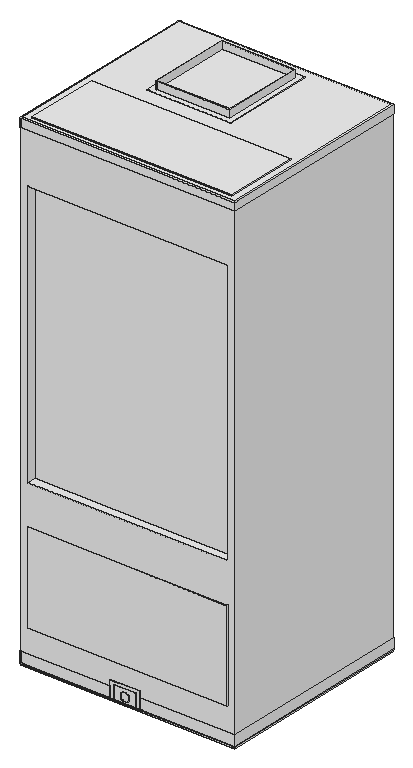
Revit family "HVAC_Air-Conditioning_Ice-Air_SPXC", category Mechanical Equipment, Revit 2020
Family settings
  Round Connector Dimension = Use Diameter
  Part Type = Normal
  OmniClass Number = 23.75.10.21.11
  Work Plane-Based = No
  Always vertical = Yes
  Cut with Voids When Loaded = No
  Shared = No
  Room Calculation Point = No
Parameters (values of type "Not a Type, Refer to Type Catalog")
  z_Supply Pipe Center = if(Width = 28.07", 3.25", 2.00")  # 2.00"
  Width = 28.06609"
  Weight = 1.69032 kN
  Voltage = 208 V
  URL = "https://www.ice-air.com/"
  Total Heating Capacity = 0 Btu/h
  Total Cooling Capacity = 93833.9 Btu/h
  Supply Air Connection Width = 9.50"
  Supply Air Connection Depth = 10.63"
  Sensible Cooling Capacity = 76773.2 Btu/h
  Product Page URL = "https://www.ice-air.com/product/spxc/"
  Product Material = Ice Air - Metal - Aluminium
  Power Factor = 1
  Plenum Note [instance] = "A plenum is required to install the unit. Please see install guide or contact the manufacturer for more information."  # constant formula
  Phase = 1
  Outside Air = 60.0 CFM
  Model = "SPXC30-7.5kW"
  Manufacturer = "Ice Air"  # constant formula
  MOCP (without Electric Heat) = ""
  MOCP (with Electric Heat) = "50"
  MCA (without Electric Heat) = ""
  MCA (with Electric Heat) = "49.6"
  Length = 26.00"
  Height = 64.00"
  Heating Input (Watts) = 0 W
  Heating Input = 0 A
  Heating Capacity Range = "18,000 - 31,500"
  Heating Capacity @ 5°F = "19,800"
  Heating Capacity @ 10°F = "21,300"
  Heating Capacity @ -5°F = "19,300"
  HSPF = "9"  # constant formula
  Frequency = 60 Hz
  Evaporator Motor Nominal HP = ""
  Energy Efficiency Rating = 11
  Electric Heater (A) = 36 A
  Electric Heater = 7500 VA
  Drain Pipe Diameter = 1.00"  # constant formula
  Description = "SPXC Series Single Package Air Conditioner and Heat Pump"  # constant formula
  Default Elevation = 0.00"
  Cooling Capacity Range = "16,600 - 30,800"
  COP @ 5°F = "1.96"
  COP @ 10°F = "2.15"
  COP @ -5°F = "1.69"
  COP = "3.3"
  Apparent Load = Voltage * Heating Input * Power Factor  # 0 VA
  Airflow = 1000.0 CFM
Reference planes
  plane 1 "Center (Front/Back)": y = 0
  plane 2: z = 0
  plane 3 "Center (Left/Right)": x = 0.839
  plane 4: y = 330.2
  plane 5: y = -330.2
  plane 6: x = -355.6
  plane 7: x = 357.278
  plane 8: z = 1625.6
  plane 9 "Top": z = 1628.6
  plane 10: z = 1610.6
  plane 11: y = 7.198
  plane 12: y = 277.2
  plane 13: z = 18
  plane 14: z = 3
  plane 15: z = 600
  plane 16: z = 1630.632
  plane 17: z = 1578.525
  plane 18: z = 1626.6
  plane 19: z = 1431.357
  plane 20: x = 331.878
  plane 21: x = -330.2
  plane 22: x = -170.611
  plane 23: x = 70.689
  plane 24: x = -49.961
  plane 25: y = -299.615
  plane 26: y = -328.2
Forms (mm)
  Sweep 1, solid, material "Ice Air - Metal - Aluminium" <- "Product Material"
    path origin (0, 299.85, 3.186) x (0, -1, 0) y (1, 0, 0)
      loop
        line (630.05, 357.279) -> (-30.2, 357.279) -> (-30.2, -355.6) -> (630.05, -355.6) -> (630.05, 357.279)
    profile origin (0.839, -330.2, 3.186) x (0, -1, 0) y (0, 0, 1)
      loop
        line (0, 3.649) -> (0, 38.1) -> (-2, 38.1) -> (-2, 3.652)
        arc (-2, 3.652) -> (-2.484, 2.484) -> (-3.652, 2) r 1.652
        line (-3.652, 2) -> (-25.4, 2) -> (-25.4, 0) -> (-3.649, 0)
        arc (-3.649, 0) -> (-1.069, 1.069) -> (0, 3.649) r 3.649
  Extrusion 2, solid, material "Ice Air - Metal - Aluminium" <- "Product Material"
    sketch origin (0, 299.85, 3.186) x (0, -1, 0) y (1, 0, 0)
      loop
        line (-4.8, -330.2) -> (604.65, -330.2) -> (604.65, 331.879) -> (-4.8, 331.879) -> (-4.8, -330.2)
    from 2 to 0
  Extrusion 3, void
    sketch origin (0, 299.85, 3.186) x (1, 0, 0) y (0, 0, 1)
      loop
        line (-56.061, 58.4) -> (-56.061, 2) -> (41.939, 2) -> (41.939, 58.4) -> (-56.061, 58.4)
    from 628.05 to 630.05
  Extrusion 4, solid, material "Ice Air - Metal - Aluminium" <- "Product Material"
    sketch origin (0, 299.85, 3.186) x (1, 0, 0) y (0, 0, 1)
      loop
        line (-56.061, 58.4) -> (-56.061, 2) -> (41.939, 2) -> (41.939, 58.4) -> (-56.061, 58.4)
      loop
        line (-44.561, 48) -> (-44.561, 3) -> (30.439, 3) -> (30.439, 48) -> (-44.561, 48)
      loop
        line (-44.307, 47.746) -> (-44.307, 3.254) -> (30.185, 3.254) -> (30.185, 47.746) -> (-44.307, 47.746)
      loop
        circle (-7.113, 23.103) r 14.963
      loop
        circle (-7.113, 23.103) r 14.709
    from 628.05 to 630.05
  Extrusion 5, solid, material "Ice Air - Metal - Aluminium" <- "Product Material"
    sketch origin (0, 299.85, 3.186) x (0, -1, 0) y (1, 0, 0)
      loop
        line (-27.7, -353.6) -> (628.05, -353.6) -> (628.05, 355.279) -> (-27.7, 355.279) -> (-27.7, -353.6)
    from -3 to 1622.414
  Sweep 6, solid, material "Ice Air - Metal - Aluminium" <- "Product Material"
    path origin (0, 0, 1628.6) x (-1, 0, 0) y (0, -1, 0)
      loop
        line (355.6, -330.05) -> (355.6, 330.2) -> (-357.278, 330.2) -> (-357.278, -330.05) -> (355.6, -330.05)
    profile origin (-355.6, -0.075, 1628.6) x (1, 0, 0) y (0, 0, 1)
      loop
        line (0, -2.583) -> (0, -28.575) -> (2, -28.575) -> (2, -2.808)
        arc (2, -2.808) -> (2.237, -2.237) -> (2.808, -2) r 0.808
        line (2.808, -2) -> (25.4, -2) -> (25.4, 0) -> (2.583, 0)
        arc (2.583, 0) -> (0.756, -0.756) -> (0, -2.583) r 2.583
  Extrusion 7, solid, material "Ice Air - Metal - Aluminium" <- "Product Material"
    sketch origin (0, 299.85, 1196.757) x (0, -1, 0) y (1, 0, 0)
      loop
        line (-4.8, -330.2) -> (604.65, -330.2) -> (604.65, 331.879) -> (-4.8, 331.879) -> (-4.8, -330.2)
    from 431.843 to 429.843
  Extrusion 8, void
    sketch origin (0, 299.85, 3.186) x (1, 0, 0) y (0, 0, 1)
      loop
        line (-330.2, 1428.171) -> (-330.2, 547.371) -> (331.879, 547.371) -> (331.879, 1428.171) -> (-330.2, 1428.171)
    from 599.464 to 630.05
  Extrusion 9, void
    sketch origin (0, 299.85, 3.186) x (1, 0, 0) y (0, 0, 1)
      loop
        line (-330.2, 494.9) -> (-330.2, 38.1) -> (331.879, 38.1) -> (331.879, 494.9) -> (-330.2, 494.9)
      loop
        line (-330.2, 520.3) -> (331.879, 520.3) -> (331.879, 808.589) -> (-330.2, 808.589) -> (-330.2, 520.3)
    from -30.35 to 22.65
  Extrusion 10, solid, material "Ice Air - Metal - Aluminium" <- "Product Material", detail levels fine
    sketch origin (0, 299.85, 3.186) x (1, 0, 0) y (0, 0, 1)
      loop
        line (-330.2, 415) -> (-330.2, 116.7) -> (331.879, 116.7) -> (331.879, 415) -> (-330.2, 415)
    from 628.05 to 630.05
  Extrusion 11, solid, material "Ice Air - Metal - Aluminium" <- "Product Material"
    sketch origin (0, 299.85, 3.186) x (1, 0, 0) y (0, 0, 1)
      loop
        circle (119.939, 1575.339) r 12.993
    from 580.205 to 584.814
  Extrusion 12, solid, material "Ice Air - Metal - Aluminium" <- "Product Material", detail levels medium+fine
    sketch origin (0, 299.85, 3.186) x (1, 0, 0) y (0, 0, 1)
      loop
        arc (-129.976, 1564.589) -> (-122.561, 1575.339) -> (-129.976, 1586.089) r 11.5
        line (-129.976, 1586.089) -> (-138.146, 1586.089)
        arc (-138.146, 1586.089) -> (-145.561, 1575.339) -> (-138.146, 1564.589) r 11.5
        line (-138.146, 1564.589) -> (-129.976, 1564.589)
    from 580.205 to 584.814
  Extrusion 13, solid, material "Ice Air - Metal - Aluminium" <- "Product Material", detail levels fine
    sketch origin (0, 299.85, 3.186) x (1, 0, 0) y (0, 0, 1)
      loop
        arc (-92.186, 1581.653) -> (-91.508, 1568.989) -> (-90.831, 1581.653) r 6.35
        line (-90.831, 1581.653) -> (-90.831, 1580.094) -> (-92.186, 1580.094) -> (-92.186, 1581.653)
      loop
        line (78.065, 1581.653) -> (78.065, 1580.094) -> (76.709, 1580.094) -> (76.709, 1581.653)
        arc (76.709, 1581.653) -> (77.387, 1568.989) -> (78.065, 1581.653) r 6.35
    from 581 to 584.814
  Extrusion 14, solid, material "Ice Air - Metal - Aluminium" <- "Product Material", detail levels fine
    sketch origin (0, 299.85, 1196.757) x (0, -1, 0) y (1, 0, 0)
      loop
        line (365.004, -330.2) -> (611.614, -330.2) -> (611.614, 331.879) -> (365.004, 331.879) -> (365.004, -330.2)
    from 431.843 to 433.875
  Sweep 15, solid, material "Ice Air - Metal - Aluminium" <- "Product Material", detail levels medium+fine
    path origin (0, 0, 1628.6) x (-1, 0, 0) y (0, -1, 0)
      loop
        line (170.611, -277.2) -> (170.611, -7.198) -> (-70.689, -7.198) -> (-70.689, -277.2) -> (170.611, -277.2)
    profile origin (-170.611, 142.199, 1628.6) x (1, 0, 0) y (0, 0, 1)
      loop
        line (0, 0) -> (0, 25.4) -> (-1.214, 25.4) -> (-1.214, 1.212) -> (-19.05, 1.212) -> (-19.05, 0) -> (0, 0)
  Extrusion 16, solid, material "Ice Air - Metal - Aluminium" <- "Product Material"
    sketch origin (0, 299.85, 1196.757) x (0, -1, 0) y (1, 0, 0)
      loop
        line (292.652, -170.611) -> (292.652, 70.689) -> (22.65, 70.689) -> (22.65, -170.611) -> (292.652, -170.611)
    from 431.843 to 433.875
Cuts and joins
  Extrusion 8, Extrusion 9 cuts Extrusion 5
  joined: Sweep 6, Extrusion 7
  Extrusion 3 cuts Sweep 1
Lines and regions (mm)
  Masking region 1
    outline origin (25.4, 0, 0) x (1, 0, 0) y (0, 1, 0)
      loop
        line (-355.6, 330.2) -> (-355.6, -330.2) -> (357.278, -330.2) -> (357.278, 330.2) -> (-355.6, 330.2)
  Masking region 2, not visible
    outline origin (0, 0, 0) x (1, 0, 0) y (0, 1, 0)
      loop
        line (-355.6, 330.2) -> (-355.6, -330.2) -> (357.278, -330.2) -> (357.278, 330.2) -> (-355.6, 330.2)
  symbolic lines, detail levels medium+fine
    curve 1: line (-189.661, 296.25, 0) -> (89.739, 296.25, 0)
    curve 2: line (-189.661, -11.852, 0) -> (-189.661, 296.25, 0)
    curve 3: line (89.739, -11.852, 0) -> (-189.661, -11.852, 0)
    curve 4: line (89.739, 296.25, 0) -> (89.739, -11.852, 0)
  symbolic lines, detail levels fine
    curve 5: line (-304.8, -65.154, 0) -> (357.278, -65.154, 0)
    curve 6: line (-304.8, -304.8, 0) -> (-304.8, -65.154, 0)
    curve 7: line (357.278, -304.8, 0) -> (-304.8, -304.8, 0)
    curve 8: line (357.278, -65.154, 0) -> (357.278, -304.8, 0)
  symbolic lines
    curve 9: line (-170.611, 277.2, 0) -> (-170.611, 7.198, 0)
    curve 10: line (70.689, 277.2, 0) -> (70.689, 7.198, 0)
    curve 11: line (-170.611, 7.198, 0) -> (70.689, 7.198, 0)
    curve 12: line (-170.611, 277.2, 0) -> (70.689, 277.2, 0)
  symbolic lines, not visible, detail levels medium+fine
    curve 13: line (-215.061, 296.25, 0) -> (64.339, 296.25, 0)
    curve 14: line (-215.061, -11.852, 0) -> (-215.061, 296.25, 0)
    curve 15: line (64.339, -11.852, 0) -> (-215.061, -11.852, 0)
    curve 16: line (64.339, 296.25, 0) -> (64.339, -11.852, 0)
  symbolic lines, not visible, detail levels fine
    curve 17: line (-330.2, -65.154, 0) -> (331.878, -65.154, 0)
    curve 18: line (-330.2, -304.8, 0) -> (-330.2, -65.154, 0)
    curve 19: line (331.878, -304.8, 0) -> (-330.2, -304.8, 0)
    curve 20: line (331.878, -65.154, 0) -> (331.878, -304.8, 0)
  symbolic lines, not visible
    curve 21: line (-196.011, 277.2, 0) -> (-196.011, 7.198, 0)
    curve 22: line (45.289, 277.2, 0) -> (45.289, 7.198, 0)
    curve 23: line (-196.011, 7.198, 0) -> (45.289, 7.198, 0)
    curve 24: line (-196.011, 277.2, 0) -> (45.289, 277.2, 0)
Dimensions and locks
  equal spacing: plane 4, plane 1 "Center (Front/Back)", plane 5
  equal spacing: plane 6, plane 3 "Center (Left/Right)", plane 7
  plane 9 "Top" to plane 8 to plane 10 = 0.11811" locked, 0.59055" locked
  "Supply Air Connection Depth": plane 12 to plane 11
  locked: plane 4 to plane 12 at 53
  "Height": plane 8 to level
  plane 15 to level = 23.62205"
  "Length": plane 4 to plane 5
  "Width": plane 6 to plane 7
  locked: plane 16 to plane 9 "Top" at 2.032
  locked: plane 8 to plane 17 at 47.075
  locked: plane 9 "Top" to plane 18 at 2
  locked: plane 8 to plane 19 at 194.243
  locked: plane 6 to plane 21 at 25.4
  locked: plane 20 to plane 7 at 25.4
  "z_Supply Pipe Center": plane 24 to plane 3 "Center (Left/Right)"
  equal spacing: plane 22, plane 24, plane 23
  "Supply Air Connection Width": plane 22 to plane 23
  locked: plane 25 to plane 5 at 30.585
  locked: plane 26 to plane 5 at 2
  aligned and locked: level to plane 2
  aligned and locked: Extrusion 2 sketch curve to Sweep 1  (x4)
  aligned and locked: Extrusion 2 to Sweep 1
  aligned and locked: Extrusion 7 sketch curve to Sweep 6  (x4)
  aligned and locked: plane 12 to Sweep 15 sketch curve
  aligned and locked: plane 12 to Extrusion 16
  aligned and locked: Extrusion 16 to plane 11
  aligned and locked: plane 8 to cut or joined group of Extrusion 5, Extrusion 8, Extrusion 9
  aligned and locked: Extrusion 14 to plane 9 "Top"
  aligned and locked: plane 16 to Extrusion 14
  aligned and locked: Extrusion 16 to plane 9 "Top"
  aligned and locked: plane 16 to Extrusion 16
  aligned and locked: plane 17 to Extrusion 11 sketch curve
  aligned and locked: plane 17 to Extrusion 13 sketch curve  (x2)
  aligned and locked: plane 17 to Extrusion 12 sketch curve  (x2)
  aligned and locked: plane 9 "Top" to cut or joined group of Sweep 6, Extrusion 7
  aligned and locked: cut or joined group of Sweep 6, Extrusion 7 to plane 18
  aligned and locked: cut or joined group of Extrusion 5, Extrusion 8, Extrusion 9 to plane 19
  aligned and locked: cut or joined group of Extrusion 5, Extrusion 8, Extrusion 9 to plane 21  (x2)
  aligned and locked: cut or joined group of Extrusion 5, Extrusion 8, Extrusion 9 to plane 20  (x3)
  aligned and locked: plane 21 to Extrusion 14
  aligned and locked: Extrusion 14 to plane 20
  aligned and locked: plane 21 to cut or joined group of Extrusion 5, Extrusion 8, Extrusion 9
  aligned and locked: plane 21 to Extrusion 10
  aligned and locked: Extrusion 10 to plane 20
  aligned and locked: Sweep 15 sketch curve to plane 22
  aligned and locked: Sweep 15 sketch curve to plane 23
  aligned and locked: Extrusion 16 to plane 23
  aligned and locked: Extrusion 16 to plane 22
  aligned and locked: curve 9 to plane 22
  aligned and locked: plane 23 to curve 10
  aligned and locked: curve 11 to plane 11
  aligned and locked: curve 12 to plane 12
  aligned and locked: plane 4 to cut or joined group of Extrusion 5, Extrusion 8, Extrusion 9
  aligned and locked: cut or joined group of Extrusion 5, Extrusion 8, Extrusion 9 to plane 12
  aligned and locked: Extrusion 10 to plane 5
  aligned and locked: Extrusion 10 to cut or joined group of Extrusion 5, Extrusion 8, Extrusion 9
  aligned and locked: Extrusion 8 to plane 25
  aligned and locked: Extrusion 8 to plane 5
  aligned and locked: plane 26 to cut or joined group of Extrusion 5, Extrusion 8, Extrusion 9
  aligned and locked: Extrusion 4 to plane 5
  aligned and locked: Extrusion 4 to plane 26
  aligned and locked: Extrusion 3 to plane 5
  aligned and locked: Extrusion 3 to plane 26
Automatic sketch dimensions
  Sweep 1 sketch curve to plane 6 = 0.00"
  Sweep 1 sketch curve to plane 7 = 0.00"
  Sweep 1 sketch curve to plane 5 = 0.00"
  Sweep 1 sketch curve to plane 4 = 0.00592"
  Sweep 1 sketch curve to profile plane = 0.00"  (x2)
  profile plane to Sweep 1 sketch curve = 0.07874"  (x2)
  Sweep 1 sketch curve to Sweep 1 sketch curve = 0.06493"
  Sweep 1 sketch curve to Sweep 1 sketch curve = 0.00012"
  Sweep 1 sketch curve to Sweep 1 sketch curve = 0.85621"
  Sweep 1 sketch curve to Sweep 1 sketch curve = 1.35621"
  plane 14 to Extrusion 3 sketch curve = 0.08605"
  plane 3 "Center (Left/Right)" to Extrusion 3 sketch curve = 1.61811"
  plane 13 to Extrusion 3 sketch curve = 1.71597"
  Extrusion 4 sketch curve to Extrusion 4 sketch curve = 0.00"  (x3)
  plane 14 to Extrusion 4 sketch curve = 0.08605"
  Extrusion 4 sketch curve to Extrusion 4 sketch curve = 0.45276"  (x2)
  Extrusion 4 sketch curve to Extrusion 4 sketch curve = 0.01"  (x4)
  plane 3 "Center (Left/Right)" to Extrusion 4 sketch curve = 1.15535"
  plane 14 to Extrusion 4 sketch curve = 0.12542"
  plane 13 to Extrusion 4 sketch curve = 0.32634"
  plane 13 to Extrusion 4 sketch curve = 1.29652"
  Extrusion 4 sketch curve to Extrusion 4 sketch curve = 0.40945"
  Extrusion 5 sketch curve to plane 4 = 0.10435"
  plane 5 to Extrusion 5 sketch curve = 0.07874"
  plane 6 to Extrusion 5 sketch curve = 0.07874"
  plane 7 to Extrusion 5 sketch curve = 0.07874"
  profile plane to Sweep 6 sketch curve = 0.00"
  Sweep 6 sketch curve to profile plane = 0.00"
  Sweep 6 sketch curve to profile plane = 0.07874"
  Sweep 6 sketch curve to profile plane = 0.10168"
  Sweep 6 sketch curve to Sweep 6 sketch curve = 0.00889"  (x2)
  Sweep 6 sketch curve to Sweep 6 sketch curve = 0.88944"
  Sweep 6 sketch curve to Sweep 6 sketch curve = 1.01444"
  plane 6 to Extrusion 8 sketch curve = 1.00"
  plane 7 to Extrusion 8 sketch curve = 1.00"
  Extrusion 8 sketch curve to plane 15 = 1.94659"
  Extrusion 8 sketch curve to plane 10 = 7.05682"
  plane 6 to Extrusion 9 sketch curve = 1.00"  (x2)
  plane 7 to Extrusion 9 sketch curve = 1.00"
  Extrusion 9 sketch curve to Extrusion 9 sketch curve = 0.00"
  plane 13 to Extrusion 9 sketch curve = 0.91676"
  Extrusion 9 sketch curve to plane 15 = 4.01238"
  Extrusion 9 sketch curve to Extrusion 9 sketch curve = 1.00"
  plane 15 to Extrusion 9 sketch curve = 8.33758"
  plane 6 to Extrusion 10 sketch curve = 1.00"
  plane 7 to Extrusion 10 sketch curve = 1.00"
  plane 13 to Extrusion 10 sketch curve = 4.01125"
  Extrusion 10 sketch curve to plane 15 = 7.15804"
  plane 3 "Center (Left/Right)" to Extrusion 11 sketch curve = 4.68898"
  Extrusion 12 sketch curve to Extrusion 12 sketch curve = 0.00"  (x2)
  Extrusion 12 sketch curve to Extrusion 12 sketch curve = 0.16083"
  Extrusion 12 sketch curve to Extrusion 12 sketch curve = 0.32166"
  Extrusion 12 sketch curve to Extrusion 12 sketch curve = 0.42323"
  Extrusion 13 sketch curve to Extrusion 13 sketch curve = 0.02668"  (x2)
  Extrusion 13 sketch curve to Extrusion 13 sketch curve = 0.05336"  (x2)
  plane 3 "Center (Left/Right)" to Extrusion 13 sketch curve = 2.98701"
  Extrusion 13 sketch curve to Extrusion 13 sketch curve = 0.18718"  (x2)
  Extrusion 13 sketch curve to Extrusion 13 sketch curve = 0.06139"  (x2)
  plane 1 "Center (Front/Back)" to Extrusion 14 sketch curve = 2.56514"
  plane 5 to Extrusion 14 sketch curve = 0.72583"
  plane 7 to Extrusion 14 sketch curve = 1.00"
  Sweep 15 sketch curve to profile plane = 0.00"
  profile plane to Sweep 15 sketch curve = 0.00"
  profile plane to Sweep 15 sketch curve = 0.0478"
  Sweep 15 sketch curve to Sweep 15 sketch curve = 0.7022"
  profile plane to Sweep 15 sketch curve = 0.04772"
  Sweep 15 sketch curve to Sweep 15 sketch curve = 0.95228"
  Extrusion 16 sketch curve to plane 12 = 0.00"
  plane 11 to Extrusion 16 sketch curve = 0.00"
  plane 3 "Center (Left/Right)" to Extrusion 16 sketch curve = 2.75"
  plane 6 to Extrusion 14 sketch curve = 1.00"
  plane 6 to Extrusion 16 sketch curve = 7.28304"
  Extrusion 3 sketch curve to plane 3 "Center (Left/Right)" = 2.24016"
  Extrusion 4 sketch curve to plane 3 "Center (Left/Right)" = 0.31306"
  Extrusion 4 sketch curve to Extrusion 4 sketch curve = 1.46434"
  Extrusion 12 sketch curve to plane 3 "Center (Left/Right)" = 5.47185"
  Extrusion 13 sketch curve to plane 3 "Center (Left/Right)" = 3.60906"
  Sweep 15 sketch curve to plane 11 = 0.00"
  Sweep 6 sketch curve to plane 5 = 0.00"
  Sweep 6 sketch curve to plane 7 = 0.00"
  Sweep 6 sketch curve to plane 6 = 0.00"
  Sweep 6 sketch curve to plane 4 = 0.00592"
  Masking region 1 sketch curve to Masking region 1 sketch curve = 28.06609"
  Masking region 1 sketch curve to Masking region 1 sketch curve = 26.00"
  curve 5 to curve 2 = 4.53304"
  curve 1 to curve 4 = 11.00"
  curve 3 to curve 7 = 10.53304"
  curve 7 to curve 5 = 9.43486"
  curve 5 to curve 3 = 2.09852"
  curve 2 to curve 9 = 0.75"
  curve 10 to curve 1 = 0.75"
  curve 3 to curve 10 = 0.75"
  curve 11 to curve 12 = 10.63"
  curve 9 to curve 1 = 0.75"
  Masking region 2 sketch curve to Masking region 2 sketch curve = 28.06609"
  Masking region 2 sketch curve to Masking region 2 sketch curve = 26.00"
  curve 17 to curve 14 = 4.53304"
  curve 13 to curve 16 = 11.00"
  curve 15 to curve 19 = 10.53304"
  curve 19 to curve 17 = 9.43486"
  curve 17 to curve 15 = 2.09852"
  curve 14 to curve 21 = 0.75"
  curve 22 to curve 13 = 0.75"
  curve 15 to curve 22 = 0.75"
  curve 23 to curve 24 = 10.63"
  curve 21 to curve 13 = 0.75"
  radius of Extrusion 4 sketch curve = 0.58909"
  radius of Extrusion 4 sketch curve = 0.57909"
  radius of Extrusion 11 sketch curve = 0.51155"
Connectors
  piping at (-7.113, -330.2, 26.289), diameter 25.4, driven by "Drain Pipe Diameter"
    settings: on Extrusion 4, index 9, connector inside diameter 24", connector length 0.00", flow factor 0, pipe flow 0.0 GPM, pressure drop 0.0 psi, fitting loss kfactor 0, connector angle 0.00°, fixture units 0, engagement length 0.00", angle of deflection 0.00°, flow configuration 0, flow direction 2, fitting loss method 0, system type 19, joint type 0, gender type 0, connector reference index -1, connector utility 0, adjustable connector no, is connector primary yes, connector description "Drain Connection"
  hvac at (-49.961, 142.199, 1628.6), driven by "Supply Air Connection Depth", driven by "Supply Air Connection Width"
    settings: on Sweep 15, index 10, duct flow 0.0 CFM, flow factor 0, pres drop 0.0 in-wg, loss coef 0, conn angle 0.00°, conn width 9.50", conn height 10.63", conn diameter 24.00", duct sys type 1, conn prof type 1, flow config 0, flow direction 2, loss method 0, conn ref index -1, conn util no, is conn primary yes, conn desc "Supply Air Connection"
  electrical at (119.939, -284.964, 1578.525), driven by "Phase", driven by "Voltage", driven by "Apparent Load", driven by "Power Factor"
    settings: on Extrusion 11, index 11, voltage 208 V, apparent load 0 VA, apparent load phase1 0 VA, apparent load phase2 0 VA, apparent load phase3 0 VA, power factor 1, load classification "Other", number of poles 1, system type 31, power factor state 1, is connector primary yes, connector utility no, sub classification motor no, connector description "Power Connection"
Types in the file's own list only (12): name | z_Supply Pipe Center | Width | Weight | Total Heating Capacity | Total Cooling Capacity | Supply Air Connection Width | Supply Air Connection Depth | Sensible Cooling Capacity | Model | MOCP (with Electric Heat) | MCA (with Electric Heat) | Length | Height | Heating Input (Watts) | Heating Input | Heating Capacity Range | Heating Capacity @ 5°F | Heating Capacity @ 10°F | Heating Capacity @ -5°F | Energy Efficiency Rating | Electric Heater (A) | Electric Heater | Drain Pipe Diameter | Default Elevation | Cooling Capacity Range | COP @ 5°F | COP @ 10°F | COP @ -5°F | COP | Apparent Load | Airflow | MOCP (without Electric Heat) | MCA (without Electric Heat)
  SPXC12-3.5kW | 2.00 " | 23.00 " | 1.0 kN | 11400 Btu/h | 11200 Btu/h | 9.50 " | 8.50 " | 9900 Btu/h | "SPXC12-3.5kW" | "25" | "22.5" | 23.00 " | 47.00 " | 955 W | 5 A | "8,600 - 14,200" | "6,800" | "7,100" | "5,100" | 13 | 17 A | 3500 VA | 1.00 " | 0.00 " | "9,700 - 16,700" | "1.86" | "2.04" | "1.52" | "3.5" | 1040 VA | 400.0 CFM |  | 
  SPXC12-5.0kW | 2.00 " | 23.00 " | 1.0 kN | 11400 Btu/h | 11200 Btu/h | 9.50 " | 8.50 " | 9900 Btu/h | "SPXC12-5.0kW" | "30" | "27.8" | 23.00 " | 47.00 " | 955 W | 5 A | "8,600 - 14,200" | "6,800" | "7,100" | "5,100" | 13 | 24 A | 5000 VA | 1.00 " | 0.00 " | "9,700 - 16,700" | "1.86" | "2.04" | "1.52" | "3.5" | 1040 VA | 400.0 CFM |  | 
  SPXC18-5.0kW | 2.00 " | 23.00 " | 1.2 kN | 15200 Btu/h | 16800 Btu/h | 9.50 " | 8.50 " | 12900 Btu/h | "SPXC18-5.0kW" | "30" | "28.7" | 23.00 " | 47.00 " | 1350 W | 7 A | "11,500 - 19,200" | "10,300" | "10,700" | "8,000" | 11 | 24 A | 5000 VA | 1.00 " | 0.00 " | "10,500 - 19,500" | "1.82" | "1.99" | "1.5" | "3.3" | 1456 VA | 600.0 CFM |  | 
  SPXC18-7.5kW | 2.00 " | 23.00 " | 1.2 kN | 15200 Btu/h | 16800 Btu/h | 9.50 " | 8.50 " | 12900 Btu/h | "SPXC18-7.5kW" | "50" | "47.4" | 23.00 " | 47.00 " | 1350 W | 7 A | "11,500 - 19,200" | "10,300" | "10,700" | "8,000" | 11 | 36 A | 7500 VA | 1.00 " | 0.00 " | "10,500 - 19,500" | "1.82" | "1.99" | "1.5" | "3.3" | 1456 VA | 600.0 CFM |  | 
  SPXC24-5.0kW | 2.00 " | 28.00 " | 1.6 kN | 21000 Btu/h | 24000 Btu/h | 9.50 " | 10.63 " | 18500 Btu/h | "SPXC24-5.0kW" | "30" | "28.9" | 26.00 " | 64.00 " | 1865 W | 9 A | "15,100 - 25,900" | "16,200" | "17,400" | "15,800" | 11 | 24 A | 5000 VA | 1.00 " | 0.00 " | "13,900 - 25,600" | "1.99" | "2.18" | "1.72" | "3.3" | 1872 VA | 800.0 CFM |  | 
  SPXC24-7.5kW | 2.00 " | 28.00 " | 1.6 kN | 21000 Btu/h | 24000 Btu/h | 9.50 " | 10.63 " | 18500 Btu/h | "SPXC24-7.5kW" | "50" | "47.8" | 26.00 " | 64.00 " | 1865 W | 9 A | "15,100 - 25,900" | "16,200" | "17,400" | "15,800" | 11 | 36 A | 7500 VA | 1.00 " | 0.00 " | "13,900 - 25,600" | "1.99" | "2.18" | "1.72" | "3.3" | 1872 VA | 800.0 CFM |  | 
  SPXC30-5.0kW | 2.00 " | 28.00 " | 1.7 kN | 26000 Btu/h | 27500 Btu/h | 9.50 " | 10.63 " | 22500 Btu/h | "SPXC30-5.0kW" | "35" | "30.8" | 26.00 " | 64.00 " | 2509 W | 12 A | "18,000 - 31,500" | "19,800" | "21,300" | "19,300" | 11 | 24 A | 5000 VA | 1.00 " | 0.00 " | "16,600 - 30,800" | "1.96" | "2.15" | "1.69" | "3.3" | 2496 VA | 1000.0 CFM |  | 
  SPXC30-7.5kW | 2.00 " | 28.00 " | 1.7 kN | 26000 Btu/h | 27500 Btu/h | 9.50 " | 10.63 " | 22500 Btu/h | "SPXC30-7.5kW" | "50" | "49.6" | 26.00 " | 64.00 " | 2509 W | 12 A | "18,000 - 31,500" | "19,800" | "21,300" | "19,300" | 11 | 36 A | 7500 VA | 1.00 " | 0.00 " | "16,600 - 30,800" | "1.96" | "2.15" | "1.69" | "3.3" | 2496 VA | 1000.0 CFM |  | 
  SPXC12 | 2.00 " | 23.00 " | 1.0 kN | 11400 Btu/h | 11200 Btu/h | 9.50 " | 8.50 " | 9900 Btu/h | "SPXC12" |  |  | 23.00 " | 47.00 " | 955 W | 5 A | "8,600 - 14,200" | "6,800" | "7,100" | "5,100" | 13 | 0 A | 0 VA | 1.00 " | 0.00 " | "9,700 - 16,700" | "1.86" | "2.04" | "1.52" | "3.5" | 1040 VA | 400.0 CFM | "15" | "9.8"
  SPXC18 | 2.00 " | 23.00 " | 1.2 kN | 15200 Btu/h | 16800 Btu/h | 9.50 " | 8.50 " | 12900 Btu/h | "SPXC18" |  |  | 23.00 " | 47.00 " | 1350 W | 7 A | "11,500 - 19,200" | "10,300" | "10,700" | "8,000" | 11 | 0 A | 0 VA | 1.00 " | 0.00 " | "10,500 - 19,500" | "1.82" | "1.99" | "1.5" | "3.3" | 1456 VA | 600.0 CFM | "20" | "14.8"
  SPXC24 | 2.00 " | 28.00 " | 1.6 kN | 21000 Btu/h | 24000 Btu/h | 9.50 " | 10.63 " | 18500 Btu/h | "SPXC24" |  |  | 26.00 " | 64.00 " | 1865 W | 9 A | "15,100 - 25,900" | "16,200" | "17,400" | "15,800" | 11 | 0 A | 0 VA | 1.00 " | 0.00 " | "13,900 - 25,600" | "1.99" | "2.18" | "1.72" | "3.3" | 1872 VA | 800.0 CFM | "25" | "18.8"
  SPXC30 | 2.00 " | 28.00 " | 1.7 kN | 26000 Btu/h | 27500 Btu/h | 9.50 " | 10.63 " | 22500 Btu/h | "SPXC30" |  |  | 26.00 " | 64.00 " | 2509 W | 12 A | "18,000 - 31,500" | "19,800" | "21,300" | "19,300" | 11 | 0 A | 0 VA | 1.00 " | 0.00 " | "16,600 - 30,800" | "1.96" | "2.15" | "1.69" | "3.3" | 2496 VA | 1000.0 CFM | "30" | "24.8"
